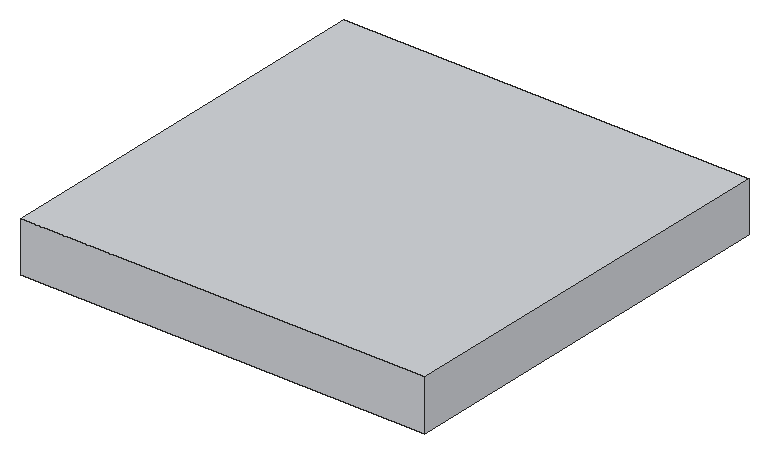
Revit family "Sanitary_Wash-Basins_DELABIE_164130-BOB-HD-washbasin postraitement", category Appareils sanitaires, Revit 2018
Family settings
  Hôte = Face
  Cote de connecteur circulaire = Utiliser le diamètre
  Type d'élément = Normal
  Couper avec des vides une fois chargée = Non
  Partagée = Non
  Point de calcul de pièce = Non
Parameters
  Default Elevation = 1219.2 mm
Reference planes
  plane 1 "Centre (avant/arrière)": y = 0
  plane 2: z = 0
  plane 3 "Centre (gauche/droite)": x = 0
Forms (mm)
  Extrusion 1, solid
    sketch origin (0, 0, 0) x (1, 0, 0) y (0, 1, 0)
      loop
        line (-1219.2, 1219.2) -> (-1219.2, -1219.2) -> (1219.2, -1219.2) -> (1219.2, 1219.2) -> (-1219.2, 1219.2)
    from 0 to -304.8
Dimensions and locks
  aligned and locked: plane 2 to Extrusion 1
  aligned and locked: level to Extrusion 1
Nested families
  nested 1: "Sanitary_Wash-Basins_DELABIE_164130-BOB-HD-washbasin" at (0, 0, 0), type "Default"
Definition of nested family "Sanitary_Wash-Basins_DELABIE_164130-BOB-HD-washbasin"
  Parameters (values of type "Default")
    Youtube clip = ""
    Uniformat II Description = ""
    Uniformat II Code = ""
    Uniclass 2015 Name = "Wash basins, sinks and troughs"
    Uniclass 2015 Code = "Pr_40_20_96"
    Uniclass 2.0 Description = "Sinks, Wash Basins And Troughs"
    Uniclass 2.0 Code = "PR-31-79"
    Uniclass 1.4 Description = "Washbasins"
    Uniclass 1.4 Code = "L7212"
    UNSPSC Code = "301815"
    Technical description = "https://www.delabie.com/products/120130"
    Region South America = "AR, BO, BR, CL, CO, EC, FK, GF, GY, PE, PY, SR, UY, VE"
    Region Oceania = "AU, FJ, NC, NZ, PG, SB, TL, VU"
    Region North America = "BS, BZ, CA, CR, CU, DO, GL, GT, HN, HT, JM, MX, NI, PA, PR, SV, TT, US"
    Region Middle East = "AE, AF, EG, IL, IQ, IR, JO, KW, LB, OM, PS, QA, SA, SY, TR, YE"
    Region Europe = "AL, AT, BA, BE, BG, BY, CH, CY, CZ, DE, DK, EE, ES, FI, FR, GB, GR, HR, HU, IE, IS, IT, LT, LU, LV, MD, ME, MK, NL, NO, PL, PT, RO, RS, RU, SE, SI, SJ, SK, UA"
    Region Asia = "AM, AZ, BD, BN, BT, CN, GE, ID, IN, JP, KG, KH, KP, KR, KZ, LA, LK, MM, MN, MY, NP, PH, PK, TH, TJ, TM, TW, UZ, VN"
    Region Antarctica = "TF"
    Region Africa = "AO, BF, BI, BJ, BW, CD, CF, CG, CI, CM, DJ, DZ, EH, ER, ET, GA, GH, GM, GN, GQ, GW, KE, LR, LS, LY, MA, MG, ML, MR, MW, MZ, NA, NE, NG, RW, SD, SL, SN, SO, SS, SZ, TD, TG, TN, TZ, UG, ZA, ZM, ZW"
    QR code = "http://bimobject.com/delabie/product/164130"
    Product url = "https://www.delabie.com/products/120130"
    Product name = "164130 BOB HD washbasin"
    Product group = "Washbasin"
    Product family = "Sanitary"
    Product data url = "https://bimobject.com/delabie/product/164130"
    Product certification = "https://www.delabie.com/products/120130"
    Product SKU = "164130"
    Product Guid = "8557969d-3437-41d4-893a-2edbfe37b1c2"
    OmniClass Description = ""
    OmniClass Code = ""
    NBS Reference Description = "Sinks, Wash Basins And Troughs"
    NBS Reference Code = "31-79"
    Material secondary = ""
    Material main = "Stainless steel"
    Masterformat 2014 Description = ""
    Masterformat 2014 Code = ""
    Manufacturer name = "DELABIE"
    Manufacturer country = "Portugal"
    Installation instructions = "https://www.delabie.com/products/120130"
    IFC Classification = "Sanitary Terminal"
    GTIN code = ""
    Edition number = 1
    Design country = "Portugal"
    Date of publishing = ""
    COBIe Type Category = ""
    Brand url = "http://www.delabie.com"
    BOS_1_Visibility = yes
    BOS_1_Material = none
    BOS_0_Visibility = yes
    BOS_0_Material = none
    BIMobject main category code = "sanitary"
    BIMobject main category = "Sanitary"
    BIMobject category code = "wash-basins"
    BIMobject category = "Wash Basins"
  Reference planes
    plane 1 "Center (Front/Back)": y = 0
    plane 2: z = 0
    plane 3 "Center (Left/Right)": x = 0
  Dimensions and locks
    aligned and locked: plane 2 to level
  Imported bodies without a history: 1
